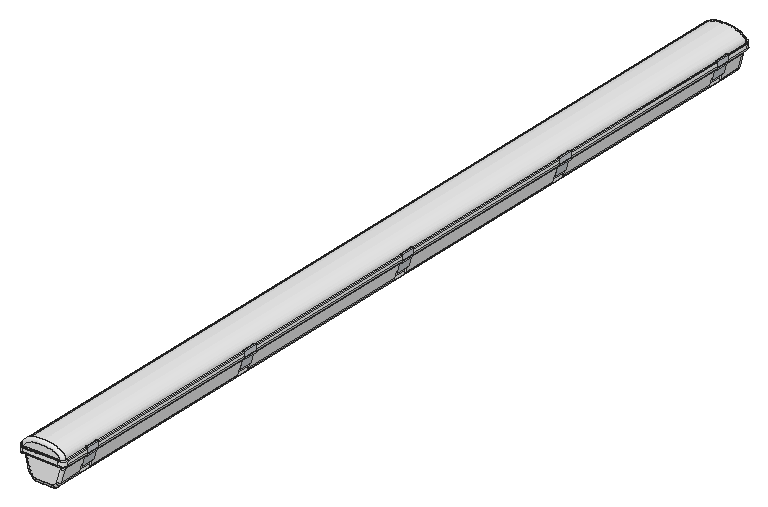
Revit family "0048716 Feilo Sylvania Lighting Fixture SYLPRF SUP LED G3 1500MM S 4K D", category Lighting Fixtures, host Face, Revit 2017
Family settings
  Host = Face
  Round Connector Dimension = Use Diameter
  Part Type = Normal
  OmniClass Number = 23.80.70.11.14
  OmniClass Title = General Luminaries, Directional
  Cut with Voids When Loaded = Yes
  Light Source = Yes
  Shared = No
  Room Calculation Point = No
Parameters
  Width = 84 mm
  Weight = "2.1 kg"
  Wattage Comments = "n/a"
  Wattage = 31 W
  WarrantyStartDate [instance] = "n/a"
  WarrantyGuarantorParts = "n/a"
  WarrantyDurationUnit = "n/a"
  WarrantyDurationParts = "n/a"
  WarrantyDescription = "n/a"
  built-in parameter 1150110 = 1 (stored number, unit not read)
  Voltage = 230 V
  URL = "http://www.sylvania-lighting.com"
  TypeName = "SYLPRF SUP LED G3 1500MM S 4K D"
  Type Image = <None>
  Type Comments = "n/a"
  built-in parameter 1114217 = 1 (stored number, unit not read)
  Tilt Angle = -90.00°
  built-in parameter 1150109 = 1 (stored number, unit not read)
  built-in parameter 1150134 = 12
  built-in parameter 1150113 = 1 (stored number, unit not read)
  SerialNumber [instance] = "n/a"
  ReflectorMaterial = none
  PowerFactor = 0
  PowerConsumption = "31 W"
  Photometric Web File = "0048716-C.ies"
  NominalWidth = 0 mm
  NominalLength = 1578 mm
  NominalHeight = 75 mm
  Name = "SYLPRF SUP LED G3 1500MM S 4K D"
  ModelReference = "SYLPRF SUP LED G3 1500MM S 4K D"
  ModelNumber = "0048716"
  Model = "SYLPRF SUP LED G3 1500MM S 4K D"
  Material = "polycarbonate housing, polycarbonate diffuser"
  ManufacturerName = "Feilo Sylvania"
  Manufacturer = "Feilo Sylvania"
  LuminousEfficacy = "155 lm/W"
  built-in parameter 1150105 = 382.37 (stored number, unit not read)
  Lumens = 4805 lm
  LuminaireType = "Weatherproof"
  built-in parameter 1150115 = 1 (stored number, unit not read)
  LightOutputRatio = "n/a"
  built-in parameter 1150137 = (empty or 0)
  built-in parameter 1150139 = (empty or 0)
  Length = 1572 mm
  LampsType = Lamp  # "LED"
  LampNominalLuminous = "4800 lm"
  LampMacAdamStep = "3"
  LampColourTemperature = "4000 K"
  LampColourRenderingIndex = "80"
  built-in parameter 1150112 = 1 (stored number, unit not read)
  built-in parameter 1150114 = 1 (stored number, unit not read)
  Lamp = "LED"
  Keynote = "16500"
  InstallationDate [instance] = "n/a"
  InputVoltage = "220-240V~"
  InputNominalFrequency = "DC/50/60 Hz"
  built-in parameter 1150132 = (empty or 0)
  built-in parameter 1150102 = (empty or 0)
  built-in parameter 1150107 = 4000 (stored number, unit not read)
  built-in parameter 1150138 = (empty or 0)
  IngressProtection = "IP65"
  ImpactProtectionIndex = "IK08"
  built-in parameter 1150106 = 3.8237 (stored number, unit not read)
  IfcExportType = "IfcLightFixtureType"
  IfcExportAs = "IfcLightFixtureType"
  ExpectedLife = 50000
  Emit from Rectangle Width = Width - 20 mm  # 64 mm
  Emit from Rectangle Length = Length - 20 mm  # 1552 mm
  Emit Shape Visible in Rendering = no
  ElectricShockClassification = "Class I"
  built-in parameter 1150104 = 14.4 (stored number, unit not read)
  DurationUnit = "hours"
  DocumentationLiterature = "http://www.sylvania-lighting.com/product/en-int/products/0048716"
  DimmingControlOptions = "Dimmable"
  Dimming Lamp Color Temperature Shift = <None>
  DiffuserMaterial = Diffuser-Sylvania-Transparent
  Description = ""
  Default Elevation = 1219.2 mm
  CreatedOn = "11/9/2017"
  CreatedBy = ""
  Cost = 0
  Color Filter = 16777215
  built-in parameter 1114216 [instance] = (empty or 0)
  ClassificationValue = "EF_70_80"
  ClassificationName = "Uniclass2015"
  BodyMaterial = Body-Sylvania-Gray
  BarCode [instance] = "n/a"
  built-in parameter 1114218 = 1 (stored number, unit not read)
  built-in parameter 1150133 = 10 (stored number, unit not read)
  AssetType = "Fixed"
  AssetIdentifier [instance] = "n/a"
  Assembly Code = "D5020200"
  Apparent Load = 31 VA
  AccessoryMaterial = Diffuser-Sylvania-Glow
Reference planes
  plane 1 "Center (Front/Back)": y = 0
  plane 2: z = 0
  plane 3 "Center (Left/Right)": x = 0
  plane 4: z = 54
  plane 5: x = -14.7
  plane 6: x = -21.8
  plane 7: x = -26.6
  plane 8: x = -29.2
  plane 9: z = 3
  plane 10: z = 7.8
  plane 11: z = 12.3
  plane 12: z = 36.6
  plane 13: z = 42.8
  plane 14: x = -38.1
  plane 15: z = 46.2
  plane 16: x = -42
  plane 17: y = 786
  plane 18: y = -786
  plane 19: x = 14.7
  plane 20: x = 21.8
  plane 21: x = 26.6
  plane 22: x = 29.2
  plane 23: x = 38.1
  plane 24: x = 42
  plane 25: y = 778.4
  plane 26: y = -778.4
  plane 27: y = -774.7
  plane 28: y = 774.7
  plane 29: z = 74
  plane 30: x = -38.5
  plane 31: x = 38.5
  plane 32: z = 55.2
  plane 33: y = -782.5
  plane 34: y = 782.5
  plane 35: x = -24.5
  plane 36: x = 24.5
  plane 37: x = -35.7
  plane 38: x = 35.7
  plane 39: z = 50.2
  plane 40: z = 24.6
  plane 41: y = -720
  plane 42: y = -734
  plane 43: y = -706
  plane 44: y = 720
  plane 45: y = -720
  plane 46: y = -734
  plane 47: y = -706
  plane 48: y = 720
  plane 49: y = 706
  plane 50: y = 734
  plane 51: y = -360
  plane 52: y = -374
  plane 53: y = -346
  plane 54: y = 0
  plane 55: y = -14
  plane 56: y = 14
  plane 57: y = 360
  plane 58: y = 346
  plane 59: y = 374
Forms (mm)
  Sweep 1, solid, material "Body-Sylvania-Gray" <- "BodyMaterial", detail levels medium+fine
    path origin (1223.4, -4572, 54) x (0, -1, 0) y (1, 0, 0)
      loop
        arc (-3796, -1265.4) -> (-3788.929, -1262.471) -> (-3786, -1255.4) r 10
        line (-3786, -1255.4) -> (-3786, -1191.4)
        arc (-3786, -1191.4) -> (-3788.929, -1184.329) -> (-3796, -1181.4) r 10
        line (-3796, -1181.4) -> (-5348, -1181.4)
        arc (-5348, -1181.4) -> (-5355.071, -1184.329) -> (-5358, -1191.4) r 10
        line (-5358, -1191.4) -> (-5358, -1255.4)
        arc (-5358, -1255.4) -> (-5355.071, -1262.471) -> (-5348, -1265.4) r 10
        line (-5348, -1265.4) -> (-3796, -1265.4)
    profile origin (-42, 0, 54) x (-1, 0, 0) y (0, 0, 1)
      loop
        line (0, 0) -> (-1, 0) -> (-1, -7.726)
        arc (-1, -7.726) -> (-1.994, -9.498) -> (-3.9, -10.2) r 2.937
        line (-3.9, -10.2) -> (-8.571, -10.2) -> (-8.571, -11.2) -> (-3.9, -11.2)
        arc (-3.9, -11.2) -> (-1.313, -10.231) -> (0, -7.8) r 3.937
        line (0, -7.8) -> (0, 0)
  Sweep 2, solid, material "Body-Sylvania-Gray" <- "BodyMaterial", detail levels medium+fine
    path origin (0, 0, 0) x (1, 0, 0) y (0, 0, 1)
      loop
        line (35.7, 42.8) -> (35.7, 36.6) -> (29.203, 12.31)
        arc (29.203, 12.31) -> (28.199, 9.884) -> (26.6, 7.8) r 10.052
        line (26.6, 7.8) -> (21.8, 3)
        arc (21.8, 3) -> (18.554, 0.781) -> (14.7, 0) r 9.902
        line (14.7, 0) -> (0, 0) -> (-14.7, 0)
        arc (-14.7, 0) -> (-18.554, 0.781) -> (-21.8, 3) r 9.902
        line (-21.8, 3) -> (-26.6, 7.8)
        arc (-26.6, 7.8) -> (-28.199, 9.884) -> (-29.203, 12.31) r 10.052
        line (-29.203, 12.31) -> (-35.7, 36.6) -> (-35.7, 42.8)
    profile origin (0, 0, 0) x (0, 0, -1) y (0, -1, 0)
      loop
        arc (0, 773.4) -> (-1.464, 776.936) -> (-5, 778.4) r 5
        line (-5, 778.4) -> (-7.8, 778.4) -> (-7.8, -778.4) -> (-5, -778.4)
        arc (-5, -778.4) -> (-1.464, -776.936) -> (0, -773.4) r 5
        line (0, -773.4) -> (0, 773.4)
  Extrusion 3, solid, material "Body-Sylvania-Gray" <- "BodyMaterial", detail levels medium+fine
    sketch origin (1524, 778.4, 1219.2) x (1, 0, 0) y (0, 0, 1)
      loop
        arc (-1545.668, -1204.874) -> (-1545.443, -1205.418) -> (-1545.085, -1205.885) r 2.252
        line (-1545.085, -1205.885) -> (-1540.231, -1210.738)
        arc (-1540.231, -1210.738) -> (-1539.534, -1211.227) -> (-1538.7, -1211.4) r 2.102
        line (-1538.7, -1211.4) -> (-1509.3, -1211.4)
        arc (-1509.3, -1211.4) -> (-1508.466, -1211.227) -> (-1507.769, -1210.738) r 2.102
        line (-1507.769, -1210.738) -> (-1502.915, -1205.885)
        arc (-1502.915, -1205.885) -> (-1502.557, -1205.418) -> (-1502.332, -1204.874) r 2.252
        line (-1502.332, -1204.874) -> (-1496.1, -1181.575) -> (-1496.1, -1176.4) -> (-1551.9, -1176.4) -> (-1551.9, -1181.575) -> (-1545.668, -1204.874)
    from 0 to 1556.8
  Sweep 4, solid, material "Diffuser-Sylvania-Transparent" <- "DiffuserMaterial", detail levels medium+fine
    path origin (0, 0, 0) x (1, 0, 0) y (0, 0, 1)
      loop
        spline (-38.5, 55.2) -> (-37.188, 60.066) -> (-33.342, 64.6) -> (-27.224, 68.494) -> (-19.25, 71.481) -> (-9.965, 73.359) -> (0, 74) -> (9.965, 73.359) -> (19.25, 71.481) -> (27.224, 68.494) -> (33.342, 64.6) -> (37.188, 60.066) -> (38.5, 55.2)
    profile origin (38.5, 0, 55.2) x (0, -1, 0) y (1, 0, 0)
      loop
        arc (782.5, -5.5) -> (780.889, -1.611) -> (777, 0) r 5.5
        line (777, 0) -> (-777, 0)
        arc (-777, 0) -> (-780.889, -1.611) -> (-782.5, -5.5) r 5.5
        line (-782.5, -5.5) -> (-782.5, -6.3) -> (-781.5, -6.3) -> (-781.5, -5.5)
        arc (-781.5, -5.5) -> (-780.182, -2.318) -> (-777, -1) r 4.5
        line (-777, -1) -> (777, -1)
        arc (777, -1) -> (780.182, -2.318) -> (781.5, -5.5) r 4.5
        line (781.5, -5.5) -> (781.5, -6.347) -> (782.5, -6.347) -> (782.5, -5.5)
  Extrusion 5, solid, material "Diffuser-Sylvania-Transparent" <- "DiffuserMaterial", detail levels medium+fine
    sketch origin (1524, -782.5, 1219.2) x (1, 0, 0) y (0, 0, 1)
      loop
        line (-1556.653, -1164) -> (-1491.347, -1164)
        spline (-1491.347, -1164) -> (-1491.939, -1161.945) -> (-1494.434, -1159.066) -> (-1499.342, -1155.96) -> (-1506.338, -1153.35) -> (-1514.799, -1151.648) -> (-1524, -1151.047) -> (-1533.201, -1151.648) -> (-1541.662, -1153.35) -> (-1548.658, -1155.96) -> (-1553.566, -1159.066) -> (-1556.061, -1161.945) -> (-1556.653, -1164)
    from 0 to -1
  Extrusion 6, solid, material "Diffuser-Sylvania-Transparent" <- "DiffuserMaterial", detail levels medium+fine
    sketch origin (1524, 782.5, 1219.2) x (1, 0, 0) y (0, 0, 1)
      loop
        spline (-1491.3, -1164) -> (-1491.898, -1161.922) -> (-1494.404, -1159.03) -> (-1499.322, -1155.918) -> (-1506.325, -1153.305) -> (-1514.793, -1151.602) -> (-1524, -1151) -> (-1533.207, -1151.602) -> (-1541.675, -1153.305) -> (-1548.678, -1155.918) -> (-1553.596, -1159.03) -> (-1556.102, -1161.922) -> (-1556.7, -1164)
        line (-1556.7, -1164) -> (-1491.3, -1164)
    from 0 to 1
  Extrusion 7, solid, material "Diffuser-Sylvania-Glow" <- "AccessoryMaterial", detail levels fine
    sketch origin (0, 0, 0) x (1, 0, 0) y (0, 0, 1)
      loop
        circle (0, 50.2) r 8
    from -774.7 to 774.7
  Extrusion 8, void
    sketch origin (0, -720, 2343.807) x (0, 0, -1) y (-1, 0, 0)
      loop
        line (2340.807, -24.5) -> (2331.507, -24.5) -> (2319.207, -29.2) -> (2319.207, -35.7) -> (2340.807, -35.7) -> (2340.807, -24.5)
      loop
        line (2340.807, 24.5) -> (2340.807, 35.7) -> (2319.207, 35.7) -> (2319.207, 29.2) -> (2331.507, 24.5) -> (2340.807, 24.5)
    from 14 to -14
  Extrusion 9, void, not visible
    sketch origin (0, -720, 2343.807) x (0, 0, -1) y (-1, 0, 0)
      loop
        line (2340.807, -24.5) -> (2331.507, -24.5) -> (2319.207, -29.2) -> (2319.207, -35.7) -> (2340.807, -35.7) -> (2340.807, -24.5)
      loop
        line (2340.807, 24.5) -> (2340.807, 35.7) -> (2319.207, 35.7) -> (2319.207, 29.2) -> (2331.507, 24.5) -> (2340.807, 24.5)
    from 14 to -14
  Extrusion 10, void
    sketch origin (0, 720, 2343.807) x (0, 0, -1) y (-1, 0, 0)
      loop
        line (2340.807, -24.5) -> (2331.507, -24.5) -> (2319.207, -29.2) -> (2319.207, -35.7) -> (2340.807, -35.7) -> (2340.807, -24.5)
      loop
        line (2340.807, 24.5) -> (2340.807, 35.7) -> (2319.207, 35.7) -> (2319.207, 29.2) -> (2331.507, 24.5) -> (2340.807, 24.5)
    from 14 to -14
  Extrusion 11, void
    sketch origin (0, -360, 2343.807) x (0, 0, -1) y (-1, 0, 0)
      loop
        line (2340.807, -24.5) -> (2331.507, -24.5) -> (2319.207, -29.2) -> (2319.207, -35.7) -> (2340.807, -35.7) -> (2340.807, -24.5)
      loop
        line (2340.807, 24.5) -> (2340.807, 35.7) -> (2319.207, 35.7) -> (2319.207, 29.2) -> (2331.507, 24.5) -> (2340.807, 24.5)
    from 14 to -14
  Extrusion 12, void
    sketch origin (0, 0, 2343.807) x (0, 0, -1) y (-1, 0, 0)
      loop
        line (2340.807, -24.5) -> (2331.507, -24.5) -> (2319.207, -29.2) -> (2319.207, -35.7) -> (2340.807, -35.7) -> (2340.807, -24.5)
      loop
        line (2340.807, 24.5) -> (2340.807, 35.7) -> (2319.207, 35.7) -> (2319.207, 29.2) -> (2331.507, 24.5) -> (2340.807, 24.5)
    from 14 to -14
  Extrusion 13, void
    sketch origin (0, 360, 2343.807) x (0, 0, -1) y (-1, 0, 0)
      loop
        line (2340.807, -24.5) -> (2331.507, -24.5) -> (2319.207, -29.2) -> (2319.207, -35.7) -> (2340.807, -35.7) -> (2340.807, -24.5)
      loop
        line (2340.807, 24.5) -> (2340.807, 35.7) -> (2319.207, 35.7) -> (2319.207, 29.2) -> (2331.507, 24.5) -> (2340.807, 24.5)
    from 14 to -14
  Extrusion 14, solid, material "Diffuser-Sylvania-Transparent" <- "DiffuserMaterial", detail levels medium+fine
    sketch origin (1223.4, -4572, 54) x (0, -1, 0) y (-1, 0, 0)
      loop
        arc (-5348, 1265.4) -> (-5355.071, 1262.471) -> (-5358, 1255.4) r 10
        line (-5358, 1255.4) -> (-5358, 1191.4)
        arc (-5358, 1191.4) -> (-5355.071, 1184.329) -> (-5348, 1181.4) r 10
        line (-5348, 1181.4) -> (-3796, 1181.4)
        arc (-3796, 1181.4) -> (-3788.929, 1184.329) -> (-3786, 1191.4) r 10
        line (-3786, 1191.4) -> (-3786, 1255.4)
        arc (-3786, 1255.4) -> (-3788.929, 1262.471) -> (-3796, 1265.4) r 10
        line (-3796, 1265.4) -> (-5348, 1265.4)
      loop
        arc (-5354.5, 1190.394) -> (-5352.887, 1186.509) -> (-5349, 1184.9) r 5.5
        line (-5349, 1184.9) -> (-3795, 1184.9)
        arc (-3795, 1184.9) -> (-3791.113, 1186.509) -> (-3789.5, 1190.394) r 5.5
        line (-3789.5, 1190.394) -> (-3789.5, 1256.406)
        arc (-3789.5, 1256.406) -> (-3791.113, 1260.291) -> (-3795, 1261.9) r 5.5
        line (-3795, 1261.9) -> (-5349, 1261.9)
        arc (-5349, 1261.9) -> (-5352.887, 1260.291) -> (-5354.5, 1256.406) r 5.5
        line (-5354.5, 1256.406) -> (-5354.5, 1190.394)
    from 0 to -1.2
  Extrusion 15, solid, material "Body-Sylvania-Gray" <- "BodyMaterial", detail levels coarse
    sketch origin (0, 0, 0) x (1, 0, 0) y (0, 0, 1)
      loop
        line (-42, 55.2) -> (-42, 42.8) -> (-26.6, 0) -> (26.6, 0) -> (42, 42.8) -> (42, 55.2) -> (-42, 55.2)
    from -786 to 786
  Extrusion 16, solid, material "Diffuser-Sylvania-Transparent" <- "DiffuserMaterial", detail levels coarse
    sketch origin (0, 0, 0) x (1, 0, 0) y (0, 0, 1)
      loop
        line (-38.5, 55.2) -> (38.5, 55.2)
        arc (38.5, 55.2) -> (0, 74) -> (-38.5, 55.2) r 48.822
    from -778.4 to 778.4
Cuts and joins
  Extrusion 8, Extrusion 10, Extrusion 11, Extrusion 12, Extrusion 13 cuts Sweep 2
  Extrusion 8, Extrusion 10, Extrusion 11, Extrusion 12, Extrusion 13 cuts Extrusion 3
  joined: Sweep 2, Extrusion 3
  joined: Sweep 4, Extrusion 5, Extrusion 6, Extrusion 14
Dimensions and locks
  locked: plane 4 to plane 2 at 54
  plane 5 to plane 6 to plane 7 to plane 8 to plane 14 to plane 16 = 7.1 mm locked, 4.8 mm locked, 2.6 mm locked, 8.9 mm locked, 3.9 mm locked
  plane 4 to plane 15 to plane 13 to plane 12 to plane 11 to plane 10 to plane 9 = 7.8 mm locked, 3.4 mm, 6.2 mm locked, 24.3 mm locked, 4.5 mm locked, 4.8 mm locked
  equal spacing: plane 18, plane 1 "Center (Front/Back)", plane 17
  "Length": plane 18 to plane 17
  plane 19 to plane 20 to plane 21 to plane 22 to plane 23 to plane 24 = 7.1 mm locked, 4.8 mm locked, 2.6 mm locked, 8.9 mm, 3.9 mm
  equal spacing: plane 24, plane 3 "Center (Left/Right)", plane 16
  "Width": plane 24 to plane 16
  equal spacing: plane 27, plane 1 "Center (Front/Back)", plane 28
  locked: plane 26 to plane 27 at 3.7
  locked: Sweep 1 sketch curve to profile plane at 1
  locked: Sweep 1 sketch curve to plane 13 at 1
  locked: Sweep 1 sketch curve to plane 13 at 3.937  (x2)
  locked: Sweep 1 sketch curve to profile plane at 3.9  (x2)
  plane 29 to plane 4 = 20 mm
  equal spacing: plane 31, plane 3 "Center (Left/Right)", plane 30
  locked: plane 30 to plane 16 at 3.5
  locked: plane 32 to plane 4 at 1.2
  equal spacing: plane 33, plane 1 "Center (Front/Back)", plane 34
  equal spacing: plane 36, plane 3 "Center (Left/Right)", plane 35
  locked: plane 34 to plane 17 at 3.5
  equal spacing: plane 38, plane 3 "Center (Left/Right)", plane 37
  locked: plane 37 to plane 16 at 6.3
  equal spacing: plane 25, plane 1 "Center (Front/Back)", plane 26
  locked: plane 17 to plane 25 at 7.6
  locked: Sweep 2 sketch curve to plane 2 at 5  (x2)
  locked: Sweep 2 sketch curve to plane 26 at 5
  locked: plane 25 to Sweep 2 sketch curve at 5
  locked: Sweep 4 sketch curve to plane 31 at 5.5  (x2)
  locked: Sweep 4 sketch curve to plane 34 at 5.5
  plane 33 to Sweep 4 sketch curve = 5.5 mm
  locked: plane 34 to Sweep 4 sketch curve at 1
  locked: Sweep 4 sketch curve to plane 31 at 1
  locked: Sweep 4 sketch curve to Sweep 4 sketch curve at 1
  locked: Sweep 4 sketch curve to plane 31 at 6.347
  locked: Sweep 4 sketch curve to plane 31 at 6.3
  locked: plane 40 to plane 2 at 24.6
  locked: plane 6 to plane 35 at 2.7
  locked: plane 1 "Center (Front/Back)" to plane 41 at 720
  plane 43 to plane 41 to plane 42 = 14 mm locked, 14 mm locked
  locked: plane 44 to plane 1 "Center (Front/Back)" at 720
  plane 47 to plane 45 to plane 46 = 14 mm locked, 14 mm locked
  plane 50 to plane 48 to plane 49 = 14 mm locked, 14 mm locked  (x2)
  equal spacing: group 1, group 6, group 7, group 8, group 5  (x3)
  plane 53 to plane 51 to plane 52 = 14 mm locked, 14 mm locked  (x2)
  plane 56 to plane 54 to plane 55 = 14 mm locked, 14 mm locked  (x2)
  plane 59 to plane 57 to plane 58 = 14 mm locked, 14 mm locked  (x2)
  plane 48 to plane 57 to plane 1 "Center (Front/Back)" to plane 51 to plane 41 = 360 mm locked, 360 mm locked, 360 mm locked, 360 mm locked
  aligned and locked: plane 2 to host face
  aligned and locked: level to host face
  aligned and locked: plane 16 to Sweep 1 sketch curve
  aligned and locked: Sweep 1 sketch curve to plane 24
  aligned and locked: plane 18 to Sweep 1 sketch curve
  aligned and locked: Sweep 1 sketch curve to plane 13
  aligned and locked: profile plane to Sweep 1 sketch curve
  aligned and locked: plane 3 "Center (Left/Right)" to Sweep 2 sketch curve
  aligned and locked: plane 9 to Sweep 2 sketch curve
  aligned and locked: plane 10 to Sweep 2 sketch curve
  aligned and locked: plane 37 to Sweep 2 sketch curve
  aligned and locked: plane 12 to Sweep 2 sketch curve
  aligned and locked: Sweep 2 sketch curve to level
  aligned and locked: plane 21 to Sweep 2 sketch curve
  aligned and locked: plane 38 to Sweep 2 sketch curve
  aligned and locked: profile plane to Sweep 2 sketch curve
  aligned and locked: plane 25 to Sweep 2 sketch curve
  aligned and locked: Sweep 2 sketch curve to plane 10
  aligned and locked: Extrusion 3 sketch curve to Sweep 2  (x7)
  aligned and locked: Sweep 2 to Extrusion 3 sketch curve
  aligned and locked: Extrusion 3 to plane 25
  aligned and locked: plane 26 to Extrusion 3
  aligned and locked: plane 32 to Sweep 4 sketch curve
  aligned and locked: plane 33 to Sweep 4 sketch curve
  aligned and locked: Sweep 4 to Extrusion 5
  aligned and locked: plane 33 to Extrusion 5
  aligned and locked: plane 39 to Extrusion 7 sketch curve
  aligned and locked: plane 27 to Extrusion 7
  aligned and locked: Extrusion 7 to plane 28
  aligned and locked: Extrusion 6 sketch curve to Sweep 4
  aligned and locked: Extrusion 5 sketch curve to Sweep 4
  aligned and locked: Extrusion 8 to plane 43
  aligned and locked: plane 42 to Extrusion 8
  aligned and locked: Extrusion 10 to plane 50
  aligned and locked: plane 49 to Extrusion 10
  aligned and locked: Extrusion 11 to plane 53
  aligned and locked: plane 52 to Extrusion 11
  aligned and locked: Extrusion 12 to plane 56
  aligned and locked: plane 55 to Extrusion 12
  aligned and locked: Extrusion 13 to plane 59
  aligned and locked: plane 58 to Extrusion 13
  aligned and locked: plane 3 "Center (Left/Right)" to Extrusion 7 sketch curve
  aligned and locked: Extrusion 14 sketch curve to Sweep 1  (x4)
  aligned and locked: Extrusion 14 to plane 32
  aligned and locked: plane 4 to Extrusion 14
  aligned and locked: plane 48 to nested 1
  aligned and locked: plane 57 to nested 2
  aligned and locked: plane 54 to nested 3
  aligned and locked: nested 4 to plane 51
  aligned and locked: nested 5 to plane 41
  aligned and locked: plane 41 to nested 10
  aligned and locked: plane 51 to nested 9
  aligned and locked: plane 54 to nested 8
  aligned and locked: plane 57 to nested 7
  aligned and locked: plane 48 to nested 6
  aligned and locked: plane 1 "Center (Front/Back)" to imposter light
  aligned and locked: plane 3 "Center (Left/Right)" to imposter light
  aligned and locked: imposter light to plane 29
  aligned and locked: plane 7 to Extrusion 15 sketch curve
  aligned and locked: plane 2 to Extrusion 15 sketch curve
  aligned and locked: Extrusion 15 sketch curve to nested 6
  aligned and locked: Extrusion 15 sketch curve to nested 1
  aligned and locked: plane 18 to Extrusion 15
  aligned and locked: Extrusion 15 to plane 17
  aligned and locked: Extrusion 15 to Sweep 1  (x2)
  aligned and locked: plane 30 to Extrusion 16 sketch curve
  aligned and locked: plane 31 to Extrusion 16 sketch curve
  aligned and locked: Extrusion 16 sketch curve to cut or joined group of Sweep 4, Extrusion 5, Extrusion 6, Extrusion 14
  aligned and locked: Extrusion 16 to plane 25
  aligned and locked: plane 26 to Extrusion 16
Automatic sketch dimensions
  host sketch curve to host sketch curve = 2438.4 mm  (x2)
  plane 17 to Sweep 1 sketch curve = 0 mm
  Sweep 1 sketch curve to plane 28 = 1.3 mm
  Sweep 1 sketch curve to plane 7 = 5.4 mm
  plane 27 to Sweep 1 sketch curve = 1.3 mm  (x2)
  Sweep 1 sketch curve to Sweep 1 sketch curve = 4.671 mm
  Sweep 1 sketch curve to plane 4 = 0 mm
  Sweep 2 sketch curve to plane 7 = 0 mm
  Sweep 2 sketch curve to plane 6 = 0 mm
  Sweep 2 sketch curve to plane 5 = 0 mm
  plane 19 to Sweep 2 sketch curve = 0 mm
  Sweep 2 sketch curve to plane 9 = 0 mm
  plane 20 to Sweep 2 sketch curve = 0 mm
  Sweep 2 sketch curve to plane 12 = 0 mm
  Sweep 2 sketch curve to plane 10 = 0 mm
  Sweep 2 sketch curve to plane 13 = 0 mm  (x2)
  Sweep 2 sketch curve to plane 8 = 0.003 mm
  plane 6 to Sweep 2 sketch curve = 2.308 mm
  plane 20 to Sweep 2 sketch curve = 2.308 mm
  Sweep 2 sketch curve to plane 22 = 0.003 mm
  Sweep 2 sketch curve to plane 11 = 0.01 mm  (x2)
  Extrusion 3 sketch curve to plane 5 = 0 mm
  plane 19 to Extrusion 3 sketch curve = 0 mm
  plane 6 to Extrusion 3 sketch curve = 0.132 mm
  plane 6 to Extrusion 3 sketch curve = 0.715 mm
  Extrusion 3 sketch curve to Extrusion 3 sketch curve = 1.592 mm
  Extrusion 3 sketch curve to plane 10 = 0.662 mm  (x2)
  plane 20 to Extrusion 3 sketch curve = 2.308 mm
  plane 20 to Extrusion 3 sketch curve = 0.715 mm
  plane 20 to Extrusion 3 sketch curve = 0.132 mm
  Sweep 4 sketch curve to plane 30 = 0 mm
  Sweep 4 sketch curve to plane 3 "Center (Left/Right)" = 0 mm
  Sweep 4 sketch curve to Sweep 4 sketch curve = 0 mm  (x2)
  plane 37 to Extrusion 6 sketch curve = 3 mm
  Extrusion 6 sketch curve to plane 38 = 3 mm
  plane 37 to Extrusion 5 sketch curve = 3.047 mm
  Extrusion 5 sketch curve to plane 38 = 3.047 mm
  Extrusion 8 sketch curve to Extrusion 8 sketch curve = 0 mm
  Extrusion 8 sketch curve to Extrusion 8 sketch curve = 12.3 mm  (x2)
  Extrusion 8 sketch curve to Extrusion 8 sketch curve = 9.3 mm  (x2)
  Extrusion 8 sketch curve to Extrusion 8 sketch curve = 6.5 mm  (x2)
  Extrusion 8 sketch curve to Extrusion 8 sketch curve = 4.7 mm  (x2)
  Extrusion 8 sketch curve to Extrusion 8 sketch curve = 49 mm
  Extrusion 9 sketch curve to Extrusion 9 sketch curve = 0 mm
  Extrusion 9 sketch curve to Extrusion 9 sketch curve = 12.3 mm  (x2)
  Extrusion 9 sketch curve to Extrusion 9 sketch curve = 9.3 mm  (x2)
  Extrusion 9 sketch curve to Extrusion 9 sketch curve = 6.5 mm  (x2)
  Extrusion 9 sketch curve to Extrusion 9 sketch curve = 4.7 mm  (x2)
  Extrusion 9 sketch curve to Extrusion 9 sketch curve = 49 mm
  Extrusion 10 sketch curve to Extrusion 10 sketch curve = 0 mm
  Extrusion 10 sketch curve to Extrusion 10 sketch curve = 12.3 mm  (x2)
  Extrusion 10 sketch curve to Extrusion 10 sketch curve = 9.3 mm  (x2)
  Extrusion 10 sketch curve to Extrusion 10 sketch curve = 6.5 mm  (x2)
  Extrusion 10 sketch curve to Extrusion 10 sketch curve = 4.7 mm  (x2)
  Extrusion 10 sketch curve to Extrusion 10 sketch curve = 49 mm
  Extrusion 11 sketch curve to Extrusion 11 sketch curve = 0 mm
  Extrusion 11 sketch curve to Extrusion 11 sketch curve = 12.3 mm  (x2)
  Extrusion 11 sketch curve to Extrusion 11 sketch curve = 9.3 mm  (x2)
  Extrusion 11 sketch curve to Extrusion 11 sketch curve = 6.5 mm  (x2)
  Extrusion 11 sketch curve to Extrusion 11 sketch curve = 4.7 mm  (x2)
  Extrusion 11 sketch curve to Extrusion 11 sketch curve = 49 mm
  Extrusion 12 sketch curve to Extrusion 12 sketch curve = 0 mm
  Extrusion 12 sketch curve to Extrusion 12 sketch curve = 12.3 mm  (x2)
  Extrusion 12 sketch curve to Extrusion 12 sketch curve = 9.3 mm  (x2)
  Extrusion 12 sketch curve to Extrusion 12 sketch curve = 6.5 mm  (x2)
  Extrusion 12 sketch curve to Extrusion 12 sketch curve = 4.7 mm  (x2)
  Extrusion 12 sketch curve to Extrusion 12 sketch curve = 49 mm
  Extrusion 13 sketch curve to Extrusion 13 sketch curve = 0 mm
  Extrusion 13 sketch curve to Extrusion 13 sketch curve = 12.3 mm  (x2)
  Extrusion 13 sketch curve to Extrusion 13 sketch curve = 9.3 mm  (x2)
  Extrusion 13 sketch curve to Extrusion 13 sketch curve = 6.5 mm  (x2)
  Extrusion 13 sketch curve to Extrusion 13 sketch curve = 4.7 mm  (x2)
  Extrusion 13 sketch curve to Extrusion 13 sketch curve = 49 mm
  Extrusion 14 sketch curve to plane 34 = 0 mm
  plane 30 to Extrusion 14 sketch curve = 0 mm
  Extrusion 14 sketch curve to plane 31 = 0 mm
  plane 33 to Extrusion 14 sketch curve = 0 mm
  plane 25 to Extrusion 14 sketch curve = 1.4 mm  (x4)
  Extrusion 14 sketch curve to plane 26 = 1.4 mm  (x4)
  plane 37 to Extrusion 14 sketch curve = 2.694 mm  (x2)
  Extrusion 14 sketch curve to plane 38 = 2.694 mm  (x2)
  plane 21 to Extrusion 15 sketch curve = 0 mm
  Extrusion 15 sketch curve to plane 13 = 0 mm  (x2)
  Extrusion 15 sketch curve to plane 32 = 0 mm
  Extrusion 16 sketch curve to plane 40 = 0.578 mm
  radius of Extrusion 7 sketch curve = 8 mm
Nested families
  nested 1: "Clip" at (-29.2, 720, 24.6) x (-1, 0, 0) z (0, 0, 1), type "Clip", detail levels fine
  nested 2: "Clip" at (-29.2, 360, 24.6) x (-1, 0, 0) z (0, 0, 1), type "Clip", detail levels fine
  nested 3: "Clip" at (-29.2, 0, 24.6) x (-1, 0, 0) z (0, 0, 1), type "Clip", detail levels fine
  nested 4: "Clip" at (-29.2, -360, 24.6) x (-1, 0, 0) z (0, 0, 1), type "Clip", detail levels fine
  nested 5: "Clip" at (-29.2, -720, 24.6) x (-1, 0, 0) z (0, 0, 1), type "Clip", detail levels fine
  nested 6: "Clip" at (29.2, 720, 24.6), type "Clip", detail levels fine
  nested 7: "Clip" at (29.2, 360, 24.6), type "Clip", detail levels fine
  nested 8: "Clip" at (29.2, 0, 24.6), type "Clip", detail levels fine
  nested 9: "Clip" at (29.2, -360, 24.6), type "Clip", detail levels fine
  nested 10: "Clip" at (29.2, -720, 24.6), type "Clip", detail levels fine
Connectors
  electrical at (0, 0, 0), driven by "Apparent Load"
    settings: index 1, voltage 230 V, apparent load 31 VA, apparent load phase1 0 VA, apparent load phase2 0 VA, apparent load phase3 0 VA, power factor 0, load classification "Lighting", number of poles 1, system type 30, power factor state 1, is connector primary yes, connector utility no, sub classification motor no, connector description ""
Definition of nested family "Clip"
  Parameters (values of type "Clip")
    URL = "http://www.feilosylvania.com"
    Type Comments = "n/a"
    Model = "n/a"
    Manufacturer = "Feilo Sylvania"
    Keynote = "n/a"
    Description = "n/a"
    Default Elevation = 1219.2 mm
    Cost = 0
    BodyMaterial = none
    Assembly Code = "n/a"
  Reference planes
    plane 1 "Center (Front/Back)": y = 0
    plane 2: z = 0
    plane 3 "Center (Left/Right)": x = 0
    plane 4: x = 3.3
    plane 5: x = 6.5
    plane 6: x = 8.9
    plane 7: x = 12.8
    plane 8: z = 12
    plane 9: z = 18.2
    plane 10: z = 21.6
    plane 11: z = 30.6
    plane 12: x = 9.3
    plane 13: z = 19.2
    plane 14: z = 16.2
    plane 15: x = 10.1
    plane 16: y = 12
    plane 17: y = -12
  Forms (mm)
    Extrusion 1, solid
      sketch origin (-0.8, 0, 0) x (1, 0, 0) y (0, 1, 0)
        loop
          line (-1219.2, 1219.2) -> (-1219.2, -1219.2) -> (1219.2, -1219.2) -> (1219.2, 1219.2) -> (-1219.2, 1219.2)
      from 0 to -304.8
    Extrusion 2, solid
      sketch origin (0, 0, 0) x (1, 0, 0) y (0, 0, 1)
        loop
          line (8.9, 16.2) -> (4.58, 0) -> (0, 0) -> (0, -0.8) -> (5.195, -0.8) -> (9.603, 15.731) -> (13.6, 18.806) -> (13.6, 30.6)
          arc (13.6, 30.6) -> (11.45, 32.75) -> (9.3, 30.6) r 2.15
          line (9.3, 30.6) -> (10.1, 30.6)
          arc (10.1, 30.6) -> (11.45, 31.95) -> (12.8, 30.6) r 1.35
          line (12.8, 30.6) -> (12.8, 19.2) -> (8.9, 16.2)
      from -12 to 12
  Lines and regions (mm)
    reference lines
      curve 1: line (3.3, 0, 0) -> (6.5, 0, 12)
      curve 2: arc (8.9, 0, 18.2) -> (11.488, 0, 19.169) -> (12.8, 0, 21.6) r 3.934
  Dimensions and locks
    plane 7 to plane 6 to plane 5 to plane 4 to plane 3 "Center (Left/Right)" = 3.9 mm locked, 2.4 mm locked, 3.2 mm locked, 3.3 mm locked
    plane 11 to plane 10 to plane 9 to plane 8 to plane 2 = 9 mm locked, 3.4 mm locked, 6.2 mm locked, 12 mm locked
    locked: plane 7 to plane 12 at 3.5
    locked: plane 13 to plane 9 at 1
    locked: plane 9 to plane 14 at 2
    locked: plane 15 to plane 12 at 0.8
    locked: plane 2 to Extrusion 2 sketch curve at 0.8
    locked: Extrusion 2 sketch curve to Extrusion 2 sketch curve at 0.8  (x3)
    locked: plane 7 to Extrusion 2 sketch curve at 1.35
    equal spacing: plane 17, plane 1 "Center (Front/Back)", plane 16
    locked: plane 1 "Center (Front/Back)" to plane 16 at 12
    aligned and locked: plane 2 to Extrusion 1
    aligned and locked: level to Extrusion 1
    aligned and locked: plane 4 to curve 1
    aligned and locked: plane 5 to curve 1
    aligned and locked: plane 6 to curve 2
    aligned and locked: plane 10 to curve 2
    aligned and locked: plane 14 to Extrusion 2 sketch curve
    aligned and locked: plane 13 to Extrusion 2 sketch curve
    aligned and locked: plane 7 to Extrusion 2 sketch curve
    aligned and locked: plane 3 "Center (Left/Right)" to Extrusion 2 sketch curve
    aligned and locked: Extrusion 2 sketch curve to level
    aligned and locked: Extrusion 2 sketch curve to plane 11
    aligned and locked: plane 11 to Extrusion 2 sketch curve
    aligned and locked: Extrusion 2 to plane 16
    aligned and locked: plane 17 to Extrusion 2
  Automatic sketch dimensions
    Extrusion 1 sketch curve to Extrusion 1 sketch curve = 2438.4 mm  (x2)
    curve 2 to plane 7 = 0 mm
    curve 1 to level = 0 mm
    curve 1 to plane 8 = 0 mm
    curve 2 to plane 9 = 0 mm
    plane 6 to curve 2 = 0.002 mm
    Extrusion 2 sketch curve to Extrusion 2 sketch curve = 0 mm
    Extrusion 2 sketch curve to plane 6 = 0 mm
    plane 4 to Extrusion 2 sketch curve = 1.28 mm
